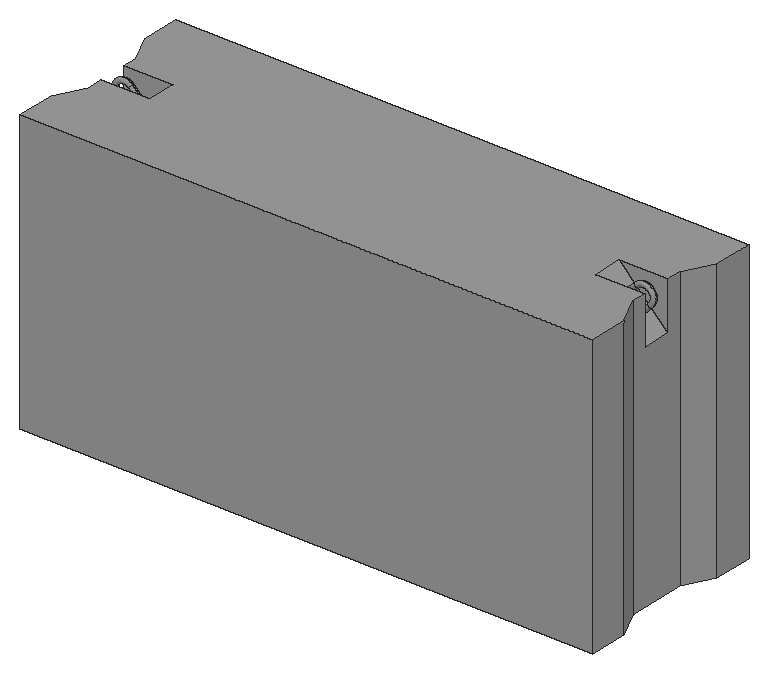
Revit family "GP_ФБС_По стене_R15", category Обобщенные модели, Revit 2015
Parameters (values of type "ФБС12.3.6-Т ТУ")
  Тип = GP_ФБС_R15 : ФБС12.3.6-Т ТУ
  Смещение [instance] = 0 mm
  Р_Смещение [instance] = 500 mm + if(or(Смещение < -500 mm, Смещение = -500 mm), -500 mm, if(or(Смещение > 500 mm, Смещение = 500 mm), 500 mm, Смещение))  # 500 mm
Types (15, lengths in mm): name | Тип
  ФБС24.3.6-Т | GP_ФБС_R15 : ФБС24.3.6-Т
  ФБС9.3.6-Т | GP_ФБС_R15 : ФБС9.3.6-Т
  ФБС24.4.6-Т | GP_ФБС_R15 : ФБС24.4.6-Т
  ФБС12.4.6-Т | GP_ФБС_R15 : ФБС12.4.6-Т
  ФБС12.4.3-Т | GP_ФБС_R15 : ФБС12.4.3-Т
  ФБС9.4.6-Т | GP_ФБС_R15 : ФБС9.4.6-Т
  ФБС24.5.6-Т | GP_ФБС_R15 : ФБС24.5.6-Т
  ФБС12.5.6-Т | GP_ФБС_R15 : ФБС12.5.6-Т
  ФБС12.5.3-Т | GP_ФБС_R15 : ФБС12.5.3-Т
  ФБС9.5.6-Т | GP_ФБС_R15 : ФБС9.5.6-Т
  ФБС24.6.6-Т | GP_ФБС_R15 : ФБС24.6.6-Т
  ФБС12.6.6-Т | GP_ФБС_R15 : ФБС12.6.6-Т
  ФБС12.6.3-Т | GP_ФБС_R15 : ФБС12.6.3-Т
  ФБС9.6.6-Т | GP_ФБС_R15 : ФБС9.6.6-Т
  ФБС12.3.6-Т ТУ | GP_ФБС_R15 : ФБС12.3.6-Т ТУ
Reference planes
  plane 1 "Стена": y = 0
  plane 2 "По центру (Влево/Вправо)": x = 125
  plane 3 "Назад": y = 75
  plane 4: y = 500
Text (mm)
  text "Сторона размещения" at (-1848.837, 1116.779, 0), in view "Опорный уровень"
  text "Сторона размещения" at (0, 1409.804, 2854.306), in view "Слева"
  text "Сторона размещения" at (0, 499.811, 2980.732), in view "Справа"
Dimensions and locks
  locked: plane 3 "Назад" to host wall
  locked: plane 4 to plane 1 "Стена" at 500
  "Р_Смещение": plane 4 to nested 1
  aligned and locked: plane 1 "Стена" to host wall
  aligned and locked: plane 2 "По центру (Влево/Вправо)" to nested 1
Nested families
  nested 1: "GP_ФБС_R15" at (125, 0, 0), type <- "Тип", type "ФБС12.3.6-Т ТУ"
Definition of nested family "GP_ФБС_R15"
  Parameters (values of type "ФБС9.6.6-Т")
    Cost = 1500
    Description = "Фундаментный бетонный блок"  # constant formula
    Материал несущих конструкций = none
    Type Image = ФБС.png
    Manufacturer = "ООО «Компания Фурор-Строй»"  # constant formula
    Model = ""
    l2 = 100 mm
    l1 = 30 mm
    d3 = 40 mm
    d2 = 40 mm
    d1 = 120 mm
    GP_Электронная почта = "furorstroy@yandex.ru"  # constant formula
    GP_Прочность = "B7.5"  # constant formula
    GP_Объем = 0.293 m³
    GP_Морозостойкость = "F100"  # constant formula
    GP_Масса = 700.00 kg
    GP_Логотип компании = 0
    GP_Контактный телефон = "‎8-495-999-46-60, ‎8-916-155-11-85"  # constant formula
    GP_Водонепроницаемость = "W2"  # constant formula
    GP_Адрес = "Московская область, г. Подольск, ул. Шамотная, д. 11А"  # constant formula
    ADSK_Размер_Ширина = 600 mm
    ADSK_Размер_Длина = 880 mm
    ADSK_Размер_Высота = 580 mm
    ADSK_Наименование = "Фундаментный бетонный блок 9.6.6-Т"
    ADSK_Марка = "9.6.6-Т"
    ADSK_URL страницы изделия = "http://gbi-podolsk.ru/fbs/fundamentalny_blok_fbs_9_6_6t/"
  Types (16, lengths in mm): name | Cost | Model | l1 | d1 | GP_Объем | GP_Масса | ADSK_Размер_Ширина | ADSK_Размер_Длина | ADSK_Размер_Высота | ADSK_Наименование | ADSK_Марка | ADSK_URL страницы изделия
    (no name) | 1500 | "" | 30 | 120 | 0.293 m³ | 700.00 kg | 600 | 880 | 580 | "Фундаментный бетонный блок 9.6.6-Т" | "9.6.6-Т" | "http://gbi-podolsk.ru/fbs/fundamentalny_blok_fbs_9_6_6t/"
    ФБС24.3.6-Т | 1700 | "ФБС" | 20 | 50 | 0.406 m³ | 970.00 kg | 300 | 2380 | 580 | "Фундаментный бетонный блок 24.3.6-Т" | "24.3.6-Т" | "http://gbi-podolsk.ru/fbs/fundamentnyy_blok_fbs_24_3_6t/"
    ФБС9.3.6-Т | 820 | "ФБС" | 20 | 50 | 0.146 m³ | 350.00 kg | 300 | 880 | 580 | "Фундаментный бетонный блок 9.3.6-Т" | "9.3.6-Т" | "http://gbi-podolsk.ru/fbs/fundamentnyy_blok_fbs_9_3_6t/"
    ФБС24.4.6-Т | 2100 | "ФБС" | 30 | 80 | 0.543 m³ | 1300.00 kg | 400 | 2380 | 580 | "Фундаментный бетонный блок 24.4.6-Т" | "24.4.6-Т" | "http://gbi-podolsk.ru/fbs/fundamentnyy_blok_fbs_24_4_6t/"
    ФБС12.4.6-Т | 1250 | "ФБС" | 30 | 80 | 0.265 m³ | 640.00 kg | 400 | 1180 | 580 | "Фундаментный бетонный блок 12.4.6-Т" | "12.4.6-Т" | "http://gbi-podolsk.ru/fbs/fundamentnyy_blok_fbs_12_4_6t/"
    ФБС12.4.3-Т | 750 | "" | 30 | 80 | 0.127 m³ | 310.00 kg | 400 | 1180 | 280 | "Фундаментный бетонный блок 12.4.3-Т" | "12.4.3-Т" | "http://gbi-podolsk.ru/fbs/fundamentalnyy_blok_fbs_12_4_3t/"
    ФБС9.4.6-Т | 1030 | "ФБС" | 30 | 80 | 0.195 m³ | 470.00 kg | 400 | 880 | 580 | "Фундаментный бетонный блок 9.4.6-Т" | "9.4.6-Т" | "http://gbi-podolsk.ru/fbs/fundamentnyy_blok_fbs_9_4_6t/"
    ФБС24.5.6-Т | 2550 | "ФБС" | 30 | 100 | 0.679 m³ | 1630.00 kg | 500 | 2380 | 580 | "Фундаментный бетонный блок 24.5.6-Т" | "24.5.6-Т" | "http://gbi-podolsk.ru/fbs/fundamentnyy_blok_fbs_24_5_6t/"
    ФБС12.5.6-Т | 1425 | "ФБС" | 30 | 100 | 0.331 m³ | 790.00 kg | 500 | 1180 | 580 | "Фундаментный бетонный блок 12.5.6-Т" | "12.5.6-Т" | "http://gbi-podolsk.ru/fbs/fundamentnyy_blok_fbs_12_5_6t/"
    ФБС12.5.3-Т | 950 | "ФБС" | 30 | 100 | 0.159 m³ | 380.00 kg | 500 | 1180 | 280 | "Фундаментный бетонный блок 12.5.3-Т" | "12.5.3-Т" | "http://gbi-podolsk.ru/fbs/fundamentnyy_blok_fbs_12_5_3/"
    ФБС9.5.6-Т | 1250 | "ФБС" | 30 | 100 | 0.244 m³ | 590.00 kg | 500 | 880 | 580 | "Фундаментный бетонный блок 9.5.6-Т" | "9.5.6-Т" | "http://gbi-podolsk.ru/fbs/fundamentnyy_blok_fbs_9_5_6t/"
    ФБС24.6.6-Т | 3200 | "ФБС" | 30 | 120 | 0.815 m³ | 1960.00 kg | 600 | 2380 | 580 | "Фундаментный бетонный блок 24.6.6-Т" | "24.6.6-Т" | "http://gbi-podolsk.ru/fbs/fundamentalny_blok_fbs_24_6_6t/"
    ФБС12.6.6-Т | 1850 | "ФБС" | 30 | 120 | 0.398 m³ | 960.00 kg | 600 | 1180 | 580 | "Фундаментный бетонный блок 12.6.6-Т" | "12.6.6-Т" | "http://gbi-podolsk.ru/fbs/fundamentalny_blok_fbs_12_6_6t/"
    ФБС12.6.3-Т | 1150 | "ФБС" | 30 | 120 | 0.191 m³ | 460.00 kg | 600 | 1180 | 280 | "Фундаментный бетонный блок 12.6.3-Т" | "12.6.3-Т" | "http://gbi-podolsk.ru/fbs/fundamentalny_blok_fbs_12_6_3t/"
    ФБС9.6.6-Т | 1500 | "" | 30 | 120 | 0.293 m³ | 700.00 kg | 600 | 880 | 580 | "Фундаментный бетонный блок 9.6.6-Т" | "9.6.6-Т" | "http://gbi-podolsk.ru/fbs/fundamentalny_blok_fbs_9_6_6t/"
    ФБС12.3.6-Т ТУ | 750 | "" | 30 | 80 | 0.127 m³ | 310.00 kg | 400 | 1180 | 580 | "Фундаментный бетонный блок 12.3.6-Т ТУ" | "12.3.6-Т ТУ" | "http://gbi-podolsk.ru/fbs/fundamentalnyy_blok_fbs_12_4_3t/"
  Reference planes
    plane 1 "Вперед/Назад": y = 0
    plane 2: z = 0
    plane 3 "Вправо/Влево": x = 0
    plane 4: x = 880
    plane 5: y = 300
    plane 6: y = -300
    plane 7: y = 180
    plane 8: y = -180
    plane 9: x = 30
    plane 10: x = 850
    plane 11: z = 580
    plane 12: x = 130
    plane 13: z = 480
    plane 14: x = 750
    plane 15: y = -140
    plane 16: y = 140
  Forms (mm)
    Extrusion 1, solid, material <- "Материал несущих конструкций"
      sketch origin (0, 0, 0) x (1, 0, 0) y (0, 1, 0)
        loop
          line (0, 300) -> (0, 180) -> (30, 60) -> (30, -60) -> (0, -180) -> (0, -300) -> (880, -300) -> (880, -180) -> (850, -60) -> (850, 60) -> (880, 180) -> (880, 300) -> (0, 300)
      from 0 to 580
    Extrusion 2, void
      sketch origin (0, 0, 0) x (1, 0, 0) y (0, 0, 1)
        loop
          line (30, 580) -> (30, 480) -> (130, 580) -> (30, 580)
        loop
          line (850, 580) -> (750, 580) -> (850, 480) -> (850, 580)
      from -30 to 30
  Cuts and joins
    Extrusion 2 cuts Extrusion 1
  Dimensions and locks
    equal spacing: plane 5, plane 1 "Вперед/Назад", plane 6
    "ADSK_Размер_Ширина": plane 5 to plane 6
    "ADSK_Размер_Длина": plane 3 "Вправо/Влево" to plane 4
    "d1": plane 5 to plane 7
    "d1": plane 8 to plane 6
    "l1": plane 3 "Вправо/Влево" to plane 9
    "l1": plane 10 to plane 4
    "ADSK_Размер_Высота": plane 11 to plane 2
    "l2": plane 12 to plane 9
    "l2": plane 10 to plane 14
    "l2": plane 11 to plane 13
    "d3": plane 8 to plane 15
    "d3": plane 7 to plane 16
    aligned and locked: Extrusion 1 sketch curve to plane 5
    aligned and locked: plane 3 "Вправо/Влево" to Extrusion 1 sketch curve
    aligned and locked: Extrusion 1 sketch curve to plane 6
    aligned and locked: Extrusion 1 sketch curve to plane 4
    aligned and locked: Extrusion 1 sketch curve to plane 9
    aligned and locked: Extrusion 1 sketch curve to plane 10
    aligned and locked: plane 11 to Extrusion 1
    aligned and locked: Extrusion 1 to plane 2
    aligned and locked: Extrusion 2 sketch curve to plane 9
    aligned and locked: Extrusion 2 sketch curve to plane 11
    aligned and locked: Extrusion 2 sketch curve to plane 10
    aligned and locked: plane 11 to Extrusion 2 sketch curve
    aligned and locked: plane 9 to nested 1
    aligned and locked: nested 1 to plane 11
    aligned and locked: plane 11 to nested 2
    aligned and locked: plane 10 to nested 2
  Automatic sketch dimensions
    Extrusion 1 sketch curve to plane 8 = 0 mm  (x2)
    Extrusion 1 sketch curve to plane 7 = 0 mm  (x2)
    plane 1 "Вперед/Назад" to Extrusion 1 sketch curve = 60 mm  (x2)
    Extrusion 1 sketch curve to plane 1 "Вперед/Назад" = 60 mm  (x2)
    Extrusion 1 sketch curve to plane 4 = 0 mm
    Extrusion 1 sketch curve to plane 3 "Вправо/Влево" = 0 mm
    Extrusion 2 sketch curve to plane 12 = 0 mm
    Extrusion 2 sketch curve to plane 14 = 0 mm
    Extrusion 2 sketch curve to plane 13 = 0 mm  (x2)
  Nested families
    nested 1: "GP_ФБС_Петля" at (30, 0, 580) x (1, 0, 0) z (0, -1, 0), type "Петля"
    nested 2: "GP_ФБС_Петля" at (850, 0, 580) x (-1, 0, 0) z (0, -1, 0), type "Петля"
  Definition of nested family "GP_ФБС_Петля"
    Parameters (values of type "GP_ФБС_Петля")
      Default Elevation = 0 mm
      Материал = none
    Reference planes
      plane 1 "По центру (Вперед/Назад)": y = 0
      plane 2: z = 0
      plane 3 "По центру (Влево/Вправо)": x = 0
    Forms (mm)
      Sweep 1, solid, material <- "Материал"
        path origin (0, 0, 0) x (1, 0, 0) y (0, 1, 0)
          loop
            line (67.678, -32.322) -> (42.678, -7.322)
            arc (42.678, -7.322) -> (7.322, -7.322) -> (7.322, -42.678) r 25
            line (7.322, -42.678) -> (32.322, -67.678)
        profile origin (55.178, -19.822, 0) x (-0.707107, -0.707107, 0) y (0, 0, 1)
          loop
            circle (5, 0) r 5
    Dimensions and locks
      plane 3 "По центру (Влево/Вправо)" to Sweep 1 sketch curve = 25 mm
      Sweep 1 sketch curve to plane 1 "По центру (Вперед/Назад)" = 25 mm
      aligned and locked: level to plane 2
